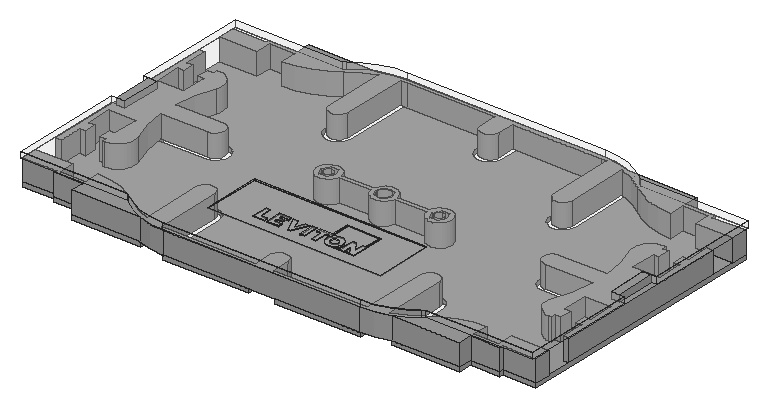
Revit family "Data_Device-Network-Leviton-Splice_Tray-T5PLS", category Data Devices, host Face, Revit 2025
Family settings
  Host = Face
  Round Connector Dimension = Use Diameter
  Part Type = Normal
  OmniClass Number = 23.85.50.17
  OmniClass Title = Communication and Data Processing Equipment
  Cut with Voids When Loaded = No
  Maintain Annotation Orientation = Yes
  Shared = Yes
  Room Calculation Point = No
Parameters (values of type "24-Fiber Splice Tray")
  z Leviton Type = 2
  z Is 24 Fibers = or(z Leviton Type = 2, z Leviton Type = 4)  # yes
  z Is 12 Fibers = or(z Leviton Type = 1, z Leviton Type = 3)  # no
  Width [instance] = if(z Leviton Type = 1, 5.59", 7.621")  # 7.621"
  Weight [instance] = 0.00 lbf
  URL = "http://www.leviton.com/networksolutions"
  UPC Code [instance] = ""
  Type Comments = ""
  Technical Support Phone Number = "1-800-824-3005"  # constant formula
  Shielded = 1 = 0  # no
  Serial Number [instance] = ""
  Quantity per Package = 0
  Product Documentation Link = "https://www.leviton.com/en/docs/Leviton_Spec_Opt-X_SDX_Engage_MTP_Fiber_Cassettes.pdf"
  Port ID [instance] = ""
  Part Number [instance] = if(z Leviton Type = 1, "T5PLS-12F", if(z Leviton Type = 2, "T5PLS-24F", "ERROR"))  # "T5PLS-24F"
  Part Description = Description  # "OPT-X SDX Engage Low Loss MTP Fiber Cassettes - OS2, 24-fiber, 2x12F MTP to LC shuttered, C Polarity."
  Original Creation Date = "September 28, 2023"  # constant formula
  Model Disclaimer = "http://www.leviton.com/BIMTERMS"
  Model = " "
  Minimum Order Quantity = 0
  Manufacturer = "Leviton"  # constant formula
  Height [instance] = if(z Leviton Type = 1, 3.74", 4.567")  # 4.567"
  Has ID Windows = 1 = 0  # no
  Family Version = "1.0.0"  # constant formula
  Equipment Type = ""
  Equipment Abbreviation = "FST"  # constant formula
  Description = "OPT-X SDX Engage Low Loss MTP Fiber Cassettes - OS2, 24-fiber, 2x12F MTP to LC shuttered, C Polarity."
  Depth [instance] = if(z Leviton Type = 1, 0.53", 0.49")  # 0.49"
  Default Elevation = 24"
  Date Last Modified = "September 28, 2023"  # constant formula
  Copyright = "Copyright © 2013-2014 Leviton Manufacturing Co., Inc."  # constant formula
  Channel ID [instance] = ""
  Channel Count [instance] = 0
  Assembly Code = "D5030600"
  Adapter Material = Plastic - Leviton - Blue
Reference planes (in)
  plane 1 "Center (Front/Back)": y = 0.21474
  plane 2 "Mounting Surface": z = 0
  plane 3 "Center (Left/Right)": x = -0.9065
  plane 4: x = -4.717
  plane 5: x = 2.904
  plane 6: y = 2.49824
  plane 7: y = -2.06876
  plane 8: z = 0.49
Dimensions and locks (in)
  equal spacing: plane 6, plane 1 "Center (Front/Back)", plane 7
  "Height": plane 6 to plane 7
  equal spacing: plane 4, plane 3 "Center (Left/Right)", plane 5
  "Width": plane 4 to plane 5
  "Depth": plane 8 to plane 2 "Mounting Surface"
  aligned and locked: plane 2 "Mounting Surface" to host face
  aligned and locked: host face to level
  aligned and locked: plane 3 "Center (Left/Right)" to nested 1
  aligned and locked: plane 1 "Center (Front/Back)" to nested 1
  aligned and locked: plane 1 "Center (Front/Back)" to nested 2
  aligned and locked: plane 3 "Center (Left/Right)" to nested 2
  aligned and locked: plane 1 "Center (Front/Back)" to nested 3
  aligned and locked: plane 3 "Center (Left/Right)" to nested 3
Automatic sketch dimensions
  host sketch curve to host sketch curve = 19"
  host sketch curve to host sketch curve = 36.38525"
Nested families (in)
  nested 1: "Symbol" at (-0.9065, 0.21474, 0), type "Data"
  nested 2: "12-Fiber Mini" at (-0.9065, 0.21474, 0), visible <- "z Is 12 Fibers", type "T5PLS-12F"
  nested 3: "24-Fiber High Density" at (-0.9065, 0.21474, 0), visible <- "z Is 24 Fibers", type "T5PLS-24F"
Definition of nested family "12-Fiber Mini"
  Parameters (values of type "T5PLS-12F")
    Width = 5.59"  # constant formula
    URL = "http://www.leviton.com/networksolutions"
    Manufacturer = "Leviton"  # constant formula
    Height = 3.74"  # constant formula
    Description = ""
    Depth = 0.43"  # constant formula
    Default Elevation = 48"
    Assembly Code = "D5030600"
  Reference planes (in)
    plane 1 "Center (Front/Back)": y = 0
    plane 2: z = 0
    plane 3 "Center (Left/Right)": x = 0
    plane 4 "Left": x = -2.795
    plane 5 "Top": y = 1.87
    plane 6 "Right": x = 2.795
    plane 7 "Bottom": y = -1.87
    plane 8: z = 0.43
    plane 9: z = 0.53
    plane 10: z = 0.06
    plane 11: x = -0.82669
    plane 12: x = 0.82669
  Forms (in)
    Extrusion 1, solid
      sketch origin (0, 0, 0) x (1, 0, 0) y (0, 1, 0)
        loop
          line (-48, 48) -> (-48, -48) -> (48, -48) -> (48, 48) -> (-48, 48)
      from 0 to -12
    Extrusion 2, solid, detail levels medium+fine
      sketch origin (0, 0, 0) x (1, 0, 0) y (0, 1, 0)
        loop
          line (2.28324, -1.87) -> (2.795, -1.87) -> (2.795, -1.63358) -> (1.89054, -1.63358)
          arc (1.89054, -1.63358) -> (1.70343, -1.6485) -> (1.52103, -1.69287) r 1.181
          arc (1.52103, -1.69287) -> (1.42054, -1.72354) -> (1.31877, -1.74967) r 2.3423
          line (1.31877, -1.74967) -> (1.31877, -1.1612)
          arc (1.31877, -1.1612) -> (1.18099, -1.02342) -> (1.0432, -1.1612) r 0.13778
          line (1.0432, -1.1612) -> (1.0432, -1.79672)
          arc (1.0432, -1.79672) -> (0.91546, -1.80723) -> (0.78732, -1.81074) r 2.34229
          line (0.78732, -1.81074) -> (-0.78732, -1.81074)
          arc (-0.78732, -1.81074) -> (-0.91546, -1.80723) -> (-1.0432, -1.79672) r 2.34229
          line (-1.0432, -1.79672) -> (-1.0432, -1.1612)
          arc (-1.0432, -1.1612) -> (-1.18099, -1.02342) -> (-1.31877, -1.1612) r 0.13778
          line (-1.31877, -1.1612) -> (-1.31877, -1.74967)
          arc (-1.31877, -1.74967) -> (-1.42054, -1.72354) -> (-1.52103, -1.69287) r 2.3423
          arc (-1.52103, -1.69287) -> (-1.70343, -1.6485) -> (-1.89054, -1.63358) r 1.181
          line (-1.89054, -1.63358) -> (-2.795, -1.63358) -> (-2.795, -1.87) -> (-2.28324, -1.87) -> (-2.28324, -1.69271) -> (-1.8998, -1.69271)
          arc (-1.8998, -1.69271) -> (-1.71436, -1.70741) -> (-1.53353, -1.75105) r 1.1809
          arc (-1.53353, -1.75105) -> (-1.16485, -1.84) -> (-0.78678, -1.8699) r 2.40552
          line (-0.78678, -1.8699) -> (0.78678, -1.8699)
          arc (0.78678, -1.8699) -> (1.16485, -1.84) -> (1.53353, -1.75105) r 2.40552
          arc (1.53353, -1.75105) -> (1.71436, -1.70741) -> (1.8998, -1.69271) r 1.1809
          line (1.8998, -1.69271) -> (2.28324, -1.69271) -> (2.28324, -1.87)
        loop
          line (2.73595, -1.25961) -> (2.795, -1.25961) -> (2.795, 1.25961) -> (2.73595, 1.25961) -> (2.73595, 1.02342) -> (2.21236, 1.02342)
          arc (2.21236, 1.02342) -> (2.11097, 0.96587) -> (2.10839, 0.84931) r 0.1181
          arc (2.10839, 0.84931) -> (2.25005, 0.50453) -> (2.31728, 0.13789) r 1.79116
          line (2.31728, 0.13789) -> (1.7911, 0.13789)
          arc (1.7911, 0.13789) -> (1.65332, 0.00011) -> (1.7911, -0.13768) r 0.13778
          line (1.7911, -0.13768) -> (2.3173, -0.13768)
          arc (2.3173, -0.13768) -> (2.25008, -0.50443) -> (2.10839, -0.84931) r 1.79116
          arc (2.10839, -0.84931) -> (2.11097, -0.96587) -> (2.21236, -1.02342) r 0.1181
          line (2.21236, -1.02342) -> (2.73595, -1.02342) -> (2.73595, -1.25961)
        loop
          line (2.28324, 1.87) -> (2.28324, 1.69257) -> (1.89968, 1.69257)
          arc (1.89968, 1.69257) -> (1.71387, 1.70728) -> (1.5327, 1.75103) r 1.18107
          arc (1.5327, 1.75103) -> (1.16366, 1.84015) -> (0.7852, 1.87011) r 2.40573
          line (0.7852, 1.87011) -> (-0.78521, 1.87011)
          arc (-0.78521, 1.87011) -> (-1.16367, 1.84015) -> (-1.5327, 1.75103) r 2.40573
          arc (-1.5327, 1.75103) -> (-1.71388, 1.70728) -> (-1.89968, 1.69257) r 1.18107
          line (-1.89968, 1.69257) -> (-2.28324, 1.69257) -> (-2.28324, 1.87) -> (-2.795, 1.87) -> (-2.795, 1.63358) -> (-1.89054, 1.63358)
          arc (-1.89054, 1.63358) -> (-1.70343, 1.6485) -> (-1.52103, 1.69287) r 1.181
          arc (-1.52103, 1.69287) -> (-1.42054, 1.72354) -> (-1.31877, 1.74967) r 2.3423
          line (-1.31877, 1.74967) -> (-1.31877, 1.1612)
          arc (-1.31877, 1.1612) -> (-1.18099, 1.02342) -> (-1.0432, 1.1612) r 0.13778
          line (-1.0432, 1.1612) -> (-1.0432, 1.79672)
          arc (-1.0432, 1.79672) -> (-0.91546, 1.80723) -> (-0.78732, 1.81095) r 2.34229
          line (-0.78732, 1.81095) -> (0.78732, 1.81074)
          arc (0.78732, 1.81074) -> (0.91546, 1.80723) -> (1.0432, 1.79672) r 2.34229
          line (1.0432, 1.79672) -> (1.0432, 1.1612)
          arc (1.0432, 1.1612) -> (1.18099, 1.02342) -> (1.31877, 1.1612) r 0.13778
          line (1.31877, 1.1612) -> (1.31877, 1.74967)
          arc (1.31877, 1.74967) -> (1.42054, 1.72354) -> (1.52103, 1.69287) r 2.3423
          arc (1.52103, 1.69287) -> (1.70343, 1.6485) -> (1.89054, 1.63358) r 1.181
          line (1.89054, 1.63358) -> (2.795, 1.63358) -> (2.795, 1.87) -> (2.28324, 1.87)
        loop
          line (0.53144, 0.55123) -> (0.53144, 0.02963) -> (0.17667, 0.02963)
          arc (0.17667, 0.02963) -> (0, 0.17922) -> (-0.17667, 0.02963) r 0.17912
          line (-0.17667, 0.02963) -> (-0.53144, 0.02963) -> (-0.53144, 0.55123) -> (-0.82669, 0.55123)
          arc (-0.82669, 0.55123) -> (-1.37782, 0.00011) -> (-0.82669, -0.55102) r 0.55113
          line (-0.82669, -0.55102) -> (-0.53144, -0.55102) -> (-0.53144, -0.02942) -> (-0.17667, -0.02942)
          arc (-0.17667, -0.02942) -> (0, -0.17901) -> (0.17667, -0.02942) r 0.17912
          line (0.17667, -0.02942) -> (0.53144, -0.02942) -> (0.53144, -0.55102) -> (0.82669, -0.55102)
          arc (0.82669, -0.55102) -> (1.37782, 0.00011) -> (0.82669, 0.55123) r 0.55113
          line (0.82669, 0.55123) -> (0.53144, 0.55123)
        loop
          line (-2.73595, -1.25961) -> (-2.73595, -1.02342) -> (-2.21236, -1.02342)
          arc (-2.21236, -1.02342) -> (-2.11097, -0.96587) -> (-2.10839, -0.84931) r 0.1181
          arc (-2.10839, -0.84931) -> (-2.25008, -0.50443) -> (-2.3173, -0.13768) r 1.79116
          line (-2.3173, -0.13768) -> (-1.7911, -0.13768)
          arc (-1.7911, -0.13768) -> (-1.65332, 0.00011) -> (-1.7911, 0.13789) r 0.13778
          line (-1.7911, 0.13789) -> (-2.31728, 0.13789)
          arc (-2.31728, 0.13789) -> (-2.25005, 0.50453) -> (-2.10839, 0.84931) r 1.79116
          arc (-2.10839, 0.84931) -> (-2.11097, 0.96587) -> (-2.21236, 1.02342) r 0.1181
          line (-2.21236, 1.02342) -> (-2.73595, 1.02342) -> (-2.73595, 1.25961) -> (-2.795, 1.25961) -> (-2.795, -1.25961) -> (-2.73595, -1.25961)
        loop
          line (-0.8882, 0.10643) -> (-0.94971, -0.00011) -> (-0.8882, -0.10664) -> (-0.76518, -0.10664) -> (-0.70367, -0.00011) -> (-0.76518, 0.10643) -> (-0.8882, 0.10643)
        loop
          line (0.8882, 0.10643) -> (0.76518, 0.10643) -> (0.70367, -0.00011) -> (0.76518, -0.10664) -> (0.8882, -0.10664) -> (0.94971, -0.00011) -> (0.8882, 0.10643)
        loop
          circle (0, -0.00011) r 0.12007
      from 0.06 to 0.43 <- "Depth"
    Extrusion 3, solid, detail levels medium+fine
      sketch origin (0, 0, 0) x (1, 0, 0) y (0, 1, 0)
        loop
          arc (-0.78678, 1.87) -> (-0.88555, 1.86787) -> (-0.98415, 1.86178) r 2.40552
          line (-0.98415, 1.86178) -> (-0.98415, 1.1612)
          arc (-0.98415, 1.1612) -> (-1.18099, 0.96437) -> (-1.37782, 1.1612) r 0.19683
          line (-1.37782, 1.1612) -> (-1.37782, 1.79616)
          arc (-1.37782, 1.79616) -> (-1.45605, 1.77492) -> (-1.53353, 1.75105) r 2.40552
          arc (-1.53353, 1.75105) -> (-1.71436, 1.70741) -> (-1.8998, 1.69271) r 1.1809
          line (-1.8998, 1.69271) -> (-2.28324, 1.69271) -> (-2.28324, 1.87) -> (-2.795, 1.87) -> (-2.795, -1.87) -> (-2.28324, -1.87) -> (-2.28324, -1.69271) -> (-1.8998, -1.69271)
          arc (-1.8998, -1.69271) -> (-1.71436, -1.70741) -> (-1.53353, -1.75105) r 1.1809
          arc (-1.53353, -1.75105) -> (-1.45605, -1.77492) -> (-1.37782, -1.79616) r 2.40552
          line (-1.37782, -1.79616) -> (-1.37782, -1.1612)
          arc (-1.37782, -1.1612) -> (-1.18099, -0.96437) -> (-0.98415, -1.1612) r 0.19683
          line (-0.98415, -1.1612) -> (-0.98415, -1.86178)
          arc (-0.98415, -1.86178) -> (-0.88555, -1.86787) -> (-0.78678, -1.87) r 2.40552
          line (-0.78678, -1.87) -> (0.78678, -1.8699)
          arc (0.78678, -1.8699) -> (0.88555, -1.86787) -> (0.98415, -1.86178) r 2.40552
          line (0.98415, -1.86178) -> (0.98415, -1.1612)
          arc (0.98415, -1.1612) -> (1.18099, -0.96437) -> (1.37782, -1.1612) r 0.19683
          line (1.37782, -1.1612) -> (1.37782, -1.79616)
          arc (1.37782, -1.79616) -> (1.45605, -1.77492) -> (1.53353, -1.75105) r 2.40552
          arc (1.53353, -1.75105) -> (1.71436, -1.70741) -> (1.8998, -1.69271) r 1.1809
          line (1.8998, -1.69271) -> (2.28324, -1.69271) -> (2.28324, -1.87) -> (2.795, -1.87) -> (2.795, 1.87) -> (2.28324, 1.87) -> (2.28324, 1.69271) -> (1.8998, 1.69271)
          arc (1.8998, 1.69271) -> (1.71436, 1.70741) -> (1.53353, 1.75105) r 1.1809
          arc (1.53353, 1.75105) -> (1.45605, 1.77492) -> (1.37782, 1.79616) r 2.40552
          line (1.37782, 1.79616) -> (1.37782, 1.1612)
          arc (1.37782, 1.1612) -> (1.18099, 0.96437) -> (0.98415, 1.1612) r 0.19683
          line (0.98415, 1.1612) -> (0.98415, 1.86178)
          arc (0.98415, 1.86178) -> (0.88555, 1.86787) -> (0.78678, 1.87) r 2.40552
          line (0.78678, 1.87) -> (-0.78678, 1.87)
        loop
          line (1.7911, -0.19673) -> (2.31176, -0.19673)
          arc (2.31176, -0.19673) -> (2.32261, 0.00011) -> (2.31176, 0.19694) r 1.79116
          line (2.31176, 0.19694) -> (1.7911, 0.19694)
          arc (1.7911, 0.19694) -> (1.59427, 0.00011) -> (1.7911, -0.19673) r 0.19683
        loop
          arc (-1.7911, -0.19673) -> (-1.59427, 0.00011) -> (-1.7911, 0.19694) r 0.19683
          line (-1.7911, 0.19694) -> (-2.31176, 0.19694)
          arc (-2.31176, 0.19694) -> (-2.32261, 0.00011) -> (-2.31176, -0.19673) r 1.79116
          line (-2.31176, -0.19673) -> (-1.7911, -0.19673)
      from 0 to 0.06
    Extrusion 4, solid
      sketch origin (0, 17.64159, 0.43) x (0, 1, 0) y (-1, 0, 0)
        loop
          line (-15.77159, 2.795) -> (-19.51159, 2.795) -> (-19.51159, 2.28324) -> (-19.41159, 2.28324) -> (-19.41159, 1.78324) -> (-19.51159, 1.78324) -> (-19.51159, -1.78324) -> (-19.41159, -1.78324) -> (-19.41159, -2.28324) -> (-19.51159, -2.28324) -> (-19.51159, -2.795) -> (-15.77159, -2.795) -> (-15.77159, -2.28324) -> (-15.87159, -2.28324) -> (-15.87159, -1.78324) -> (-15.77159, -1.78324) -> (-15.77159, 1.78324) -> (-15.87159, 1.78324) -> (-15.87159, 2.28324) -> (-15.77159, 2.28324) -> (-15.77159, 2.795)
      from 0 to 0.1
    Extrusion 5, void
      sketch origin (0, 0, 0) x (1, 0, 0) y (0, 1, 0)
        loop
          line (-0.91, -1.48) -> (0.91, -1.48) -> (0.91, -0.3) -> (-0.91, -0.3) -> (-0.91, -1.48)
      from 0.51437 to 0.59613
    Extrusion 6, solid
      sketch origin (0, 0, 0) x (1, 0, 0) y (0, 1, 0)
        loop
          circle (-0.82669, -0.00011) r 0.06889
        loop
          circle (0.82669, -0.00011) r 0.06889
        loop
          circle (0, -0.00011) r 0.1
      from 0.24889 to 0.53
    Extrusion 7, solid, detail levels coarse
      sketch origin (0, 0, 0) x (1, 0, 0) y (0, 1, 0)
        loop
          arc (-0.78678, 1.87) -> (-0.98524, 1.8617) -> (-1.18235, 1.83715) r 2.40552
          arc (-1.18235, 1.83715) -> (-1.35956, 1.80071) -> (-1.53353, 1.75105) r 2.40552
          arc (-1.53353, 1.75105) -> (-1.71436, 1.70741) -> (-1.8998, 1.69271) r 1.1809
          line (-1.8998, 1.69271) -> (-2.28324, 1.69271) -> (-2.28324, 1.87) -> (-2.795, 1.87) -> (-2.795, -1.87) -> (-2.28324, -1.87) -> (-2.28324, -1.69271) -> (-1.8998, -1.69271)
          arc (-1.8998, -1.69271) -> (-1.71436, -1.70741) -> (-1.53353, -1.75105) r 1.1809
          arc (-1.53353, -1.75105) -> (-1.33554, -1.80647) -> (-1.13354, -1.84477) r 2.40552
          arc (-1.13354, -1.84477) -> (-0.96062, -1.86361) -> (-0.78678, -1.87) r 2.40552
          line (-0.78678, -1.87) -> (0.78678, -1.8699)
          arc (0.78678, -1.8699) -> (0.98524, -1.8617) -> (1.18235, -1.83715) r 2.40552
          arc (1.18235, -1.83715) -> (1.35956, -1.80071) -> (1.53353, -1.75105) r 2.40552
          arc (1.53353, -1.75105) -> (1.71436, -1.70741) -> (1.8998, -1.69271) r 1.1809
          line (1.8998, -1.69271) -> (2.28324, -1.69271) -> (2.28324, -1.87) -> (2.795, -1.87) -> (2.795, 1.87) -> (2.28324, 1.87) -> (2.28324, 1.69271) -> (1.8998, 1.69271)
          arc (1.8998, 1.69271) -> (1.71436, 1.70741) -> (1.53353, 1.75105) r 1.1809
          arc (1.53353, 1.75105) -> (1.33554, 1.80647) -> (1.13354, 1.84477) r 2.40552
          arc (1.13354, 1.84477) -> (0.96062, 1.86361) -> (0.78678, 1.87) r 2.40552
          line (0.78678, 1.87) -> (-0.78678, 1.87)
      from 0 to 0.43 <- "Depth"
  Cuts and joins
    Extrusion 5 cuts Extrusion 2
    Extrusion 5 cuts Extrusion 3
    Extrusion 5 cuts Extrusion 4
    joined: Extrusion 4, Extrusion 6
  Lines and regions (in)
    symbolic lines
      curve 1: line (-2.795, 1.87, 0) -> (-2.795, -1.87, 0)
      curve 2: line (-2.795, 1.87, 0) -> (-2.28324, 1.87, 0)
      curve 3: line (-2.795, -1.87, 0) -> (-2.28324, -1.87, 0)
      curve 4: line (2.795, 1.87, 0) -> (2.795, -1.87, 0)
      curve 5: line (1.78324, -1.77, 0) -> (2.28324, -1.77, 0)
      curve 6: line (1.78324, -1.87, 0) -> (1.78324, -1.77, 0)
      curve 7: line (2.28324, -1.77, 0) -> (2.28324, -1.87, 0)
      curve 8: line (-1.78324, -1.77, 0) -> (-1.78324, -1.87, 0)
      curve 9: line (-2.28324, -1.77, 0) -> (-1.78324, -1.77, 0)
      curve 10: line (-2.28324, -1.87, 0) -> (-2.28324, -1.77, 0)
      curve 11: line (-1.78324, 1.77, 0) -> (-2.28324, 1.77, 0)
      curve 12: line (-1.78324, 1.87, 0) -> (-1.78324, 1.77, 0)
      curve 13: line (-2.28324, 1.77, 0) -> (-2.28324, 1.87, 0)
      curve 14: line (1.78324, 1.77, 0) -> (1.78324, 1.87, 0)
      curve 15: line (2.28324, 1.77, 0) -> (1.78324, 1.77, 0)
      curve 16: line (2.28324, 1.87, 0) -> (2.28324, 1.77, 0)
      curve 17: line (2.28324, 1.87, 0) -> (2.795, 1.87, 0)
      curve 18: line (-1.78324, 1.87, 0) -> (1.78324, 1.87, 0)
      curve 19: line (-1.78324, -1.87, 0) -> (1.78324, -1.87, 0)
      curve 20: line (2.28324, -1.87, 0) -> (2.795, -1.87, 0)
  Dimensions and locks (in)
    equal spacing: plane 5 "Top", plane 1 "Center (Front/Back)", plane 7 "Bottom"
    "Height": plane 5 "Top" to plane 7 "Bottom"
    equal spacing: plane 4 "Left", plane 3 "Center (Left/Right)", plane 6 "Right"
    "Width": plane 4 "Left" to plane 6 "Right"
    "Depth": plane 8 to plane 2
    locked: plane 8 to plane 9 at 0.1
    plane 10 to plane 2 = 0.06"
    locked: nested 1 to plane 7 "Bottom" at 0.73
    equal spacing: plane 11, plane 3 "Center (Left/Right)", plane 12
    locked: plane 11 to plane 12 at 1.65338
    Extrusion 5 sketch curve to Extrusion 5 sketch curve to plane 7 "Bottom" = 1.18" locked, 0.39" locked
    equal spacing: Extrusion 5 sketch curve, plane 3 "Center (Left/Right)", Extrusion 5 sketch curve
    locked: Extrusion 5 sketch curve to Extrusion 5 sketch curve at 1.82
    aligned and locked: plane 2 to Extrusion 1
    aligned and locked: level to Extrusion 1
    aligned and locked: Extrusion 3 sketch curve to plane 5 "Top"
    aligned and locked: Extrusion 3 sketch curve to plane 6 "Right"
    aligned and locked: Extrusion 3 sketch curve to plane 7 "Bottom"
    aligned and locked: Extrusion 3 sketch curve to plane 4 "Left"
    aligned and locked: plane 10 to Extrusion 3
    aligned and locked: Extrusion 4 sketch curve to plane 4 "Left"
    aligned and locked: Extrusion 4 sketch curve to plane 6 "Right"
    aligned and locked: Extrusion 4 sketch curve to plane 7 "Bottom"  (x3)
    aligned and locked: Extrusion 4 sketch curve to plane 5 "Top"  (x3)
    aligned and locked: Extrusion 4 to plane 9
    aligned and locked: nested 1 to plane 9
    aligned and locked: cut or joined group of Extrusion 4, Extrusion 5, Extrusion 6 to plane 9
    aligned and locked: curve 1 to plane 4 "Left"
    aligned and locked: curve 2 to plane 5 "Top"
    aligned and locked: curve 3 to plane 7 "Bottom"
    aligned and locked: curve 4 to plane 6 "Right"
    aligned and locked: curve 5 to cut or joined group of Extrusion 4, Extrusion 5, Extrusion 6
    aligned and locked: curve 6 to cut or joined group of Extrusion 4, Extrusion 5, Extrusion 6
    aligned and locked: curve 7 to cut or joined group of Extrusion 4, Extrusion 5, Extrusion 6
    aligned and locked: curve 8 to cut or joined group of Extrusion 4, Extrusion 5, Extrusion 6
    aligned and locked: curve 9 to cut or joined group of Extrusion 4, Extrusion 5, Extrusion 6
    aligned and locked: curve 10 to cut or joined group of Extrusion 4, Extrusion 5, Extrusion 6
    aligned and locked: curve 11 to cut or joined group of Extrusion 4, Extrusion 5, Extrusion 6
    aligned and locked: curve 12 to cut or joined group of Extrusion 4, Extrusion 5, Extrusion 6
    aligned and locked: curve 13 to cut or joined group of Extrusion 4, Extrusion 5, Extrusion 6
    aligned and locked: curve 14 to cut or joined group of Extrusion 4, Extrusion 5, Extrusion 6
    aligned and locked: curve 15 to cut or joined group of Extrusion 4, Extrusion 5, Extrusion 6
    aligned and locked: curve 16 to cut or joined group of Extrusion 4, Extrusion 5, Extrusion 6
  Automatic sketch dimensions
    Extrusion 1 sketch curve to Extrusion 1 sketch curve = 96"  (x2)
    Extrusion 2 sketch curve to Extrusion 2 sketch curve = 0"  (x26)
    Extrusion 2 sketch curve to plane 4 "Left" = 0"  (x3)
    Extrusion 2 sketch curve to plane 7 "Bottom" = 0"  (x2)
    Extrusion 2 sketch curve to plane 5 "Top" = 0"  (x2)
    Extrusion 2 sketch curve to plane 3 "Center (Left/Right)" = 0"
    Extrusion 2 sketch curve to plane 6 "Right" = 0"  (x3)
    plane 4 "Left" to Extrusion 2 sketch curve = 0.05905"  (x2)
    plane 1 "Center (Front/Back)" to Extrusion 2 sketch curve = 0.13768"  (x2)
    plane 4 "Left" to Extrusion 2 sketch curve = 0.4777"
    Extrusion 2 sketch curve to Extrusion 2 sketch curve = 0.00002"  (x2)
    Extrusion 2 sketch curve to Extrusion 2 sketch curve = 0.51176"
    Extrusion 2 sketch curve to plane 5 "Top" = 0.17743"
    plane 4 "Left" to Extrusion 2 sketch curve = 0.51176"
    Extrusion 2 sketch curve to Extrusion 2 sketch curve = 0.52359"  (x2)
    plane 4 "Left" to Extrusion 2 sketch curve = 0.89488"
    plane 7 "Bottom" to Extrusion 2 sketch curve = 0.17729"
    Extrusion 2 sketch curve to Extrusion 2 sketch curve = 0.38344"  (x2)
    plane 4 "Left" to Extrusion 2 sketch curve = 0.89532"
    Extrusion 2 sketch curve to Extrusion 2 sketch curve = 0.00913"  (x2)
    Extrusion 2 sketch curve to Extrusion 2 sketch curve = 0.00957"  (x2)
    Extrusion 2 sketch curve to Extrusion 2 sketch curve = 0.5262"
    plane 7 "Bottom" to Extrusion 2 sketch curve = 0.12033"  (x2)
    Extrusion 2 sketch curve to Extrusion 2 sketch curve = 0.57178"  (x3)
    Extrusion 2 sketch curve to plane 5 "Top" = 0.12033"
    Extrusion 2 sketch curve to Extrusion 2 sketch curve = 0.13778"  (x4)
    Extrusion 2 sketch curve to plane 1 "Center (Front/Back)" = 0.00011"  (x6)
    Extrusion 2 sketch curve to Extrusion 2 sketch curve = 0.82669"
    Extrusion 2 sketch curve to Extrusion 2 sketch curve = 0.03934"  (x2)
    Extrusion 2 sketch curve to Extrusion 2 sketch curve = 0.00003"  (x4)
    plane 7 "Bottom" to Extrusion 2 sketch curve = 0.0001"
    Extrusion 2 sketch curve to Extrusion 2 sketch curve = 0.00055"
    Extrusion 2 sketch curve to Extrusion 2 sketch curve = 0.00212"  (x4)
    Extrusion 2 sketch curve to Extrusion 2 sketch curve = 0.29525"
    plane 1 "Center (Front/Back)" to Extrusion 2 sketch curve = 0.00011"  (x6)
    Extrusion 2 sketch curve to Extrusion 2 sketch curve = 0.25533"
    plane 1 "Center (Front/Back)" to Extrusion 2 sketch curve = 0.02942"  (x2)
    Extrusion 2 sketch curve to plane 3 "Center (Left/Right)" = 0.17667"
    Extrusion 2 sketch curve to plane 1 "Center (Front/Back)" = 0.02963"  (x2)
    plane 3 "Center (Left/Right)" to Extrusion 2 sketch curve = 0.53144"
    plane 5 "Top" to Extrusion 2 sketch curve = 0.00011"
    plane 3 "Center (Left/Right)" to Extrusion 2 sketch curve = 0.7852"
    Extrusion 2 sketch curve to Extrusion 2 sketch curve = 0.25534"
    Extrusion 2 sketch curve to Extrusion 2 sketch curve = 0.00054"
    Extrusion 2 sketch curve to Extrusion 2 sketch curve = 0.03991"
    Extrusion 2 sketch curve to Extrusion 2 sketch curve = 0.21651"  (x2)
    Extrusion 2 sketch curve to plane 1 "Center (Front/Back)" = 0.13789"
    Extrusion 2 sketch curve to Extrusion 2 sketch curve = 0.96441"
    Extrusion 2 sketch curve to plane 6 "Right" = 0.90446"
    Extrusion 2 sketch curve to plane 5 "Top" = 0.23642"
    Extrusion 2 sketch curve to Extrusion 2 sketch curve = 0.00925"
    Extrusion 2 sketch curve to plane 6 "Right" = 0.58264"  (x2)
    Extrusion 2 sketch curve to Extrusion 2 sketch curve = 0.38356"
    Extrusion 2 sketch curve to plane 6 "Right" = 0.47772"
    Extrusion 2 sketch curve to plane 6 "Right" = 0.05905"  (x2)
    Extrusion 2 sketch curve to plane 7 "Bottom" = 0.94458"  (x2)
    Extrusion 2 sketch curve to Extrusion 2 sketch curve = 0.05904"  (x2)
    Extrusion 2 sketch curve to Extrusion 2 sketch curve = 0.05916"
    Extrusion 2 sketch curve to Extrusion 2 sketch curve = 0.01402"  (x2)
    Extrusion 2 sketch curve to Extrusion 2 sketch curve = 0.17729"
    Extrusion 2 sketch curve to Extrusion 2 sketch curve = 0.23642"  (x2)
    Extrusion 2 sketch curve to Extrusion 2 sketch curve = 0.37397"  (x2)
    Extrusion 2 sketch curve to Extrusion 2 sketch curve = 0.58847"  (x2)
    Extrusion 2 sketch curve to Extrusion 2 sketch curve = 0.2362"  (x4)
    Extrusion 2 sketch curve to Extrusion 2 sketch curve = 0.1181"  (x4)
    plane 1 "Center (Front/Back)" to Extrusion 2 sketch curve = 0.55102"
    Extrusion 2 sketch curve to Extrusion 2 sketch curve = 0.5216"
    Extrusion 2 sketch curve to Extrusion 2 sketch curve = 0.0154"  (x2)
    Extrusion 2 sketch curve to Extrusion 2 sketch curve = 0.00407"  (x2)
    Extrusion 2 sketch curve to Extrusion 2 sketch curve = 0.00408"  (x2)
    Extrusion 2 sketch curve to Extrusion 2 sketch curve = 0.76743"  (x2)
    Extrusion 2 sketch curve to Extrusion 2 sketch curve = 0.60996"  (x2)
    Extrusion 2 sketch curve to Extrusion 2 sketch curve = 0.05899"  (x2)
    Extrusion 2 sketch curve to Extrusion 2 sketch curve = 0.12044"
    Extrusion 2 sketch curve to plane 5 "Top" = 0.07328"  (x2)
    Extrusion 2 sketch curve to Extrusion 2 sketch curve = 0.94458"  (x2)
    Extrusion 2 sketch curve to Extrusion 2 sketch curve = 0.05907"  (x2)
    Extrusion 2 sketch curve to Extrusion 2 sketch curve = 0.10397"  (x4)
    Extrusion 2 sketch curve to Extrusion 2 sketch curve = 0.00021"
    Extrusion 3 sketch curve to Extrusion 3 sketch curve = 0"  (x39)
    Extrusion 3 sketch curve to plane 7 "Bottom" = 0"  (x2)
    Extrusion 3 sketch curve to plane 5 "Top" = 0"  (x2)
    plane 1 "Center (Front/Back)" to Extrusion 3 sketch curve = 0.19673"  (x2)
    plane 4 "Left" to Extrusion 3 sketch curve = 0.48324"
    Extrusion 3 sketch curve to plane 1 "Center (Front/Back)" = 0.19694"  (x2)
    plane 7 "Bottom" to Extrusion 3 sketch curve = 0.17729"  (x2)
    plane 4 "Left" to Extrusion 3 sketch curve = 0.51176"  (x2)
    Extrusion 3 sketch curve to plane 5 "Top" = 0.17729"  (x2)
    plane 4 "Left" to Extrusion 3 sketch curve = 0.89488"  (x2)
    Extrusion 3 sketch curve to Extrusion 3 sketch curve = 0.38344"  (x4)
    Extrusion 3 sketch curve to plane 1 "Center (Front/Back)" = 0.00011"  (x3)
    Extrusion 3 sketch curve to Extrusion 3 sketch curve = 0.52066"
    plane 7 "Bottom" to Extrusion 3 sketch curve = 0.07384"  (x2)
    Extrusion 3 sketch curve to Extrusion 3 sketch curve = 0.52198"  (x4)
    Extrusion 3 sketch curve to plane 5 "Top" = 0.07384"  (x2)
    Extrusion 3 sketch curve to Extrusion 3 sketch curve = 0.19683"  (x4)
    plane 7 "Bottom" to Extrusion 3 sketch curve = 0.00822"  (x2)
    Extrusion 3 sketch curve to Extrusion 3 sketch curve = 0.39366"  (x4)
    Extrusion 3 sketch curve to plane 5 "Top" = 0.00822"  (x2)
    Extrusion 3 sketch curve to Extrusion 3 sketch curve = 0.19737"  (x4)
    Extrusion 3 sketch curve to plane 3 "Center (Left/Right)" = 0.53144"
    plane 3 "Center (Left/Right)" to Extrusion 3 sketch curve = 0.53144"
    Extrusion 3 sketch curve to Extrusion 3 sketch curve = 0.25534"  (x2)
    Extrusion 3 sketch curve to plane 6 "Right" = 1.0039"
    Extrusion 3 sketch curve to plane 6 "Right" = 0.89488"  (x2)
    Extrusion 3 sketch curve to plane 6 "Right" = 0.48324"
    Extrusion 3 sketch curve to plane 7 "Bottom" = 1.00361"  (x2)
    Extrusion 3 sketch curve to Extrusion 3 sketch curve = 0.63496"  (x4)
    plane 1 "Center (Front/Back)" to Extrusion 3 sketch curve = 0.53563"  (x2)
    Extrusion 3 sketch curve to plane 1 "Center (Front/Back)" = 0.53563"  (x2)
    plane 5 "Top" to Extrusion 3 sketch curve = 1.00361"  (x2)
    plane 7 "Bottom" to Extrusion 4 sketch curve = 0.1"  (x2)
    Extrusion 4 sketch curve to Extrusion 4 sketch curve = 0.1"  (x2)
    Extrusion 4 sketch curve to plane 6 "Right" = 0.51176"  (x2)
    Extrusion 4 sketch curve to Extrusion 4 sketch curve = 0.5"  (x4)
    plane 4 "Left" to Extrusion 4 sketch curve = 1.01176"
    Extrusion 4 sketch curve to Extrusion 4 sketch curve = 1.01176"
    Extrusion 2 sketch curve to plane 11 = 0.06151"  (x2)
    Extrusion 2 sketch curve to plane 1 "Center (Front/Back)" = 0.10643"  (x2)
    Extrusion 2 sketch curve to plane 11 = 0.12302"
    plane 11 to Extrusion 2 sketch curve = 0.06151"  (x2)
    plane 1 "Center (Front/Back)" to Extrusion 2 sketch curve = 0.10664"  (x2)
    plane 11 to Extrusion 2 sketch curve = 0.12302"
    plane 12 to Extrusion 2 sketch curve = 0.12302"
    plane 12 to Extrusion 2 sketch curve = 0.06151"  (x2)
    Extrusion 2 sketch curve to plane 12 = 0.06151"  (x2)
    Extrusion 2 sketch curve to plane 12 = 0.12302"
    Extrusion 6 sketch curve to Extrusion 6 sketch curve = 0"  (x2)
    Extrusion 6 sketch curve to plane 11 = 0"
    Extrusion 6 sketch curve to plane 3 "Center (Left/Right)" = 0"
    Extrusion 6 sketch curve to plane 12 = 0"
    plane 1 "Center (Front/Back)" to Extrusion 6 sketch curve = 0.00011"  (x3)
    Extrusion 6 sketch curve to Extrusion 6 sketch curve = 0.1"
    Extrusion 7 sketch curve to Extrusion 7 sketch curve = 0"  (x14)
    Extrusion 7 sketch curve to plane 4 "Left" = 0"
    Extrusion 7 sketch curve to plane 7 "Bottom" = 0"  (x3)
    Extrusion 7 sketch curve to plane 5 "Top" = 0"  (x3)
    Extrusion 7 sketch curve to plane 6 "Right" = 0"
    plane 7 "Bottom" to Extrusion 7 sketch curve = 0.17729"  (x2)
    plane 4 "Left" to Extrusion 7 sketch curve = 0.51176"  (x2)
    Extrusion 7 sketch curve to plane 5 "Top" = 0.17729"  (x2)
    plane 4 "Left" to Extrusion 7 sketch curve = 0.89488"  (x2)
    Extrusion 7 sketch curve to Extrusion 7 sketch curve = 0.38344"  (x4)
    plane 11 to Extrusion 7 sketch curve = 0.03991"  (x2)
    plane 12 to Extrusion 7 sketch curve = 0.03991"  (x2)
    Extrusion 7 sketch curve to plane 6 "Right" = 0.89488"  (x2)
    plane 1 "Center (Front/Back)" to Extrusion 7 sketch curve = 0.53563"  (x2)
    Extrusion 7 sketch curve to plane 1 "Center (Front/Back)" = 0.53563"  (x2)
    Extrusion 7 sketch curve to plane 6 "Right" = 0.8952"  (x2)
    Extrusion 7 sketch curve to plane 5 "Top" = 0.03285"
    plane 7 "Bottom" to Extrusion 7 sketch curve = 0.02523"
    Extrusion 7 sketch curve to plane 11 = 0.30685"
    Extrusion 7 sketch curve to plane 11 = 0.35566"
    plane 7 "Bottom" to Extrusion 7 sketch curve = 0.03285"
    Extrusion 7 sketch curve to plane 12 = 0.35566"
    Extrusion 7 sketch curve to plane 12 = 0.30685"
    Extrusion 7 sketch curve to plane 5 "Top" = 0.02523"
    Extrusion 7 sketch curve to Extrusion 7 sketch curve = 0.39999"
    Extrusion 7 sketch curve to Extrusion 7 sketch curve = 0.35118"
    plane 7 "Bottom" to curve 5 = 0.1"
    curve 5 to plane 12 = 0.95655"
    plane 7 "Bottom" to curve 8 = 0.1"
    curve 8 to plane 11 = 0.95655"
    curve 9 to curve 9 = 0.5"
    curve 11 to plane 5 "Top" = 0.1"
    curve 11 to plane 11 = 0.95655"
    curve 14 to plane 5 "Top" = 0.1"
    curve 14 to plane 12 = 0.95655"
    curve 15 to curve 15 = 0.5"
    curve 2 to curve 12 = 0.5"
    curve 6 to curve 20 = 0.5"
    curve 20 to plane 7 "Bottom" = 0"
    curve 8 to plane 7 "Bottom" = 0"
    curve 18 to plane 5 "Top" = 0"
    curve 16 to plane 5 "Top" = 0"
    radius of Extrusion 6 sketch curve = 0.06889"  (x2)
  Nested families (in)
    nested 1: "Levinton-Logo-Mini" at (0, -1.14, 0.51437), type "Mini", detail levels medium+fine
      with Logo Material none
  Definition of nested family "Levinton-Logo-Mini"
    Parameters (values of type "Mini")
      Logo Material [instance] = none
      Height = 0.645"
      Default Elevation = 48"
    Reference planes (in)
      plane 1 "Center (Front/Back)": y = 0
      plane 2: z = 0
      plane 3 "Center (Left/Right)": x = 0
      plane 4 "Logo Bottom": z = -0.01563
      plane 5: y = 0.52022
      plane 6: x = -0.75
      plane 7: x = 0.75
    Forms (in)
      Extrusion 1, solid, material <- "Logo Material"
        sketch origin (0, 0, -0.01563) x (-1, 0, 0) y (0, -1, 0)
          loop
            line (0.6807, -0.2447) -> (0.75, -0.2447) -> (0.75, 0) -> (0.58397, 0) -> (0.58397, -0.0648) -> (0.6807, -0.0648) -> (0.6807, -0.2447)
          loop
            line (0.36502, -0.2447) -> (0.54675, -0.2447) -> (0.54675, 0) -> (0.36343, 0) -> (0.36343, -0.0638) -> (0.47784, -0.0638) -> (0.47784, -0.09755) -> (0.39492, -0.09755) -> (0.39492, -0.1488) -> (0.47784, -0.1488) -> (0.47784, -0.181) -> (0.36502, -0.181) -> (0.36502, -0.2447)
          loop
            line (0.26335, -0.2447) -> (0.33945, -0.2447) -> (0.24068, 0.00131) -> (0.18347, 0.00146) -> (0.08461, -0.2447) -> (0.15942, -0.2447) -> (0.21139, -0.10474) -> (0.26335, -0.2447)
          loop
            line (-0.01265, -0.2447) -> (0.05659, -0.2447) -> (0.05659, 0) -> (-0.01265, 0) -> (-0.01265, -0.2447)
          loop
            line (-0.36974, 0.00286) -> (-0.75, 0.00286) -> (-0.75, -0.52022) -> (-0.24513, -0.52022) -> (-0.24513, -0.2447) -> (-0.05545, -0.2447) -> (-0.05545, -0.1794) -> (-0.11618, -0.1794) -> (-0.11618, 0) -> (-0.18542, 0) -> (-0.18542, -0.1794) -> (-0.24514, -0.1794) -> (-0.24514, -0.12175)
            arc (-0.24514, -0.12175) -> (-0.28164, -0.03364) -> (-0.36974, 0.00286) r 0.1246
          loop
            line (-0.43149, -0.01348) -> (-0.53031, -0.01348) -> (-0.53031, -0.2447) -> (-0.59073, -0.2447) -> (-0.6814, -0.12172) -> (-0.6814, -0.2447) -> (-0.73267, -0.2447) -> (-0.73265, -0.50286) -> (-0.26251, -0.50286) -> (-0.26242, -0.18507)
            arc (-0.26242, -0.18507) -> (-0.45852, -0.2092) -> (-0.43149, -0.01348) r 0.12462
          loop
            line (-0.59892, -0.01348) -> (-0.6814, -0.01348) -> (-0.59892, -0.12534) -> (-0.59892, -0.01348)
          loop
            circle (-0.36975, -0.12173) r 0.05894
        from 0.01562 to 0.03125
    Dimensions and locks (in)
      locked: plane 2 to plane 4 "Logo Bottom" at 0.01562
      equal spacing: plane 6, plane 3 "Center (Left/Right)", plane 7
      locked: plane 6 to plane 7 at 1.5
      locked: plane 1 "Center (Front/Back)" to plane 5 at 0.52022
    Automatic sketch dimensions
      Extrusion 1 sketch curve to Extrusion 1 sketch curve = 0"  (x7)
      plane 1 "Center (Front/Back)" to Extrusion 1 sketch curve = 0"  (x4)
      Extrusion 1 sketch curve to plane 3 "Center (Left/Right)" = 0.75"
      Extrusion 1 sketch curve to Extrusion 1 sketch curve = 0.01733"
      Extrusion 1 sketch curve to Extrusion 1 sketch curve = 0.01735"
      Extrusion 1 sketch curve to plane 1 "Center (Front/Back)" = 0.12172"
      Extrusion 1 sketch curve to Extrusion 1 sketch curve = 0.05127"
      Extrusion 1 sketch curve to plane 1 "Center (Front/Back)" = 0.01348"  (x2)
      Extrusion 1 sketch curve to Extrusion 1 sketch curve = 0.0686"
      Extrusion 1 sketch curve to plane 1 "Center (Front/Back)" = 0.12534"
      Extrusion 1 sketch curve to Extrusion 1 sketch curve = 0.08248"
      Extrusion 1 sketch curve to plane 1 "Center (Front/Back)" = 0.2447"  (x2)
      Extrusion 1 sketch curve to Extrusion 1 sketch curve = 0.09067"
      Extrusion 1 sketch curve to Extrusion 1 sketch curve = 0.06041"
      Extrusion 1 sketch curve to Extrusion 1 sketch curve = 0.09883"
      Extrusion 1 sketch curve to Extrusion 1 sketch curve = 0.06174"
      Extrusion 1 sketch curve to Extrusion 1 sketch curve = 0.00001"  (x2)
      plane 3 "Center (Left/Right)" to Extrusion 1 sketch curve = 0.26251"
      Extrusion 1 sketch curve to Extrusion 1 sketch curve = 0.10732"
      Extrusion 1 sketch curve to Extrusion 1 sketch curve = 0.01728"
      Extrusion 1 sketch curve to Extrusion 1 sketch curve = 0.01729"
      Extrusion 1 sketch curve to Extrusion 1 sketch curve = 0.05972"
      Extrusion 1 sketch curve to Extrusion 1 sketch curve = 0.06924"
      plane 3 "Center (Left/Right)" to Extrusion 1 sketch curve = 0.05545"
      plane 3 "Center (Left/Right)" to Extrusion 1 sketch curve = 0.01265"
      Extrusion 1 sketch curve to plane 3 "Center (Left/Right)" = 0.05659"
      Extrusion 1 sketch curve to Extrusion 1 sketch curve = 0.02802"
      Extrusion 1 sketch curve to Extrusion 1 sketch curve = 0.07482"
      plane 1 "Center (Front/Back)" to Extrusion 1 sketch curve = 0.00146"
      Extrusion 1 sketch curve to Extrusion 1 sketch curve = 0.12688"
      Extrusion 1 sketch curve to plane 1 "Center (Front/Back)" = 0.10474"
      Extrusion 1 sketch curve to Extrusion 1 sketch curve = 0.02792"
      plane 1 "Center (Front/Back)" to Extrusion 1 sketch curve = 0.00131"
      Extrusion 1 sketch curve to Extrusion 1 sketch curve = 0.05721"
      Extrusion 1 sketch curve to Extrusion 1 sketch curve = 0.10392"
      Extrusion 1 sketch curve to Extrusion 1 sketch curve = 0.0761"
      Extrusion 1 sketch curve to Extrusion 1 sketch curve = 0.12275"
      Extrusion 1 sketch curve to Extrusion 1 sketch curve = 0.02557"
      Extrusion 1 sketch curve to Extrusion 1 sketch curve = 0.02991"
      Extrusion 1 sketch curve to Extrusion 1 sketch curve = 0.08291"
      Extrusion 1 sketch curve to Extrusion 1 sketch curve = 0.06892"
      Extrusion 1 sketch curve to Extrusion 1 sketch curve = 0.03722"
      Extrusion 1 sketch curve to Extrusion 1 sketch curve = 0.09673"
      Extrusion 1 sketch curve to Extrusion 1 sketch curve = 0.0693"
      Extrusion 1 sketch curve to Extrusion 1 sketch curve = 0.12298"
      Extrusion 1 sketch curve to Extrusion 1 sketch curve = 0.25817"
      Extrusion 1 sketch curve to Extrusion 1 sketch curve = 0.01736"
      Extrusion 1 sketch curve to Extrusion 1 sketch curve = 0.05963"
      Extrusion 1 sketch curve to Extrusion 1 sketch curve = 0.0637"
      Extrusion 1 sketch curve to Extrusion 1 sketch curve = 0.00566"
      Extrusion 1 sketch curve to Extrusion 1 sketch curve = 0.06529"
      Extrusion 1 sketch curve to Extrusion 1 sketch curve = 0.03219"
      Extrusion 1 sketch curve to Extrusion 1 sketch curve = 0.05126"
      Extrusion 1 sketch curve to Extrusion 1 sketch curve = 0.0648"
      Extrusion 1 sketch curve to Extrusion 1 sketch curve = 0.03375"
      plane 1 "Center (Front/Back)" to Extrusion 1 sketch curve = 0.00286"
      radius of Extrusion 1 sketch curve = 0.05894"
Definition of nested family "24-Fiber High Density"
  Parameters (values of type "T5PLS-24F")
    Width = 7.63"  # constant formula
    URL = "http://www.leviton.com/networksolutions"
    Manufacturer = "Leviton"  # constant formula
    Height = 4.56"  # constant formula
    Description = ""
    Depth = 0.39"  # constant formula
    Default Elevation = 48"
    Assembly Code = "D5030600"
  Reference planes (in)
    plane 1 "Center (Front/Back)": y = 0
    plane 2: z = 0
    plane 3 "Center (Left/Right)": x = 0
    plane 4 "Left": x = -3.815
    plane 5 "Top": y = 2.28
    plane 6 "Right": x = 3.815
    plane 7 "Bottom": y = -2.28
    plane 8: z = 0.39
    plane 9: z = 0.49
    plane 10: z = 0.06
    plane 11: x = -0.82669
    plane 12: x = 0.82669
  Forms (in)
    Extrusion 1, solid
      sketch origin (0, 0, 0) x (1, 0, 0) y (0, 1, 0)
        loop
          line (-48, 48) -> (-48, -48) -> (48, -48) -> (48, 48) -> (-48, 48)
      from 0 to -12
    Extrusion 2, solid, detail levels medium+fine
      sketch origin (0, 0, 0) x (1, 0, 0) y (0, 1, 0)
        loop
          line (0.65164, 0.02963) -> (0.17667, 0.02963)
          arc (0.17667, 0.02963) -> (0, 0.17922) -> (-0.17667, 0.02963) r 0.17912
          line (-0.17667, 0.02963) -> (-0.65164, 0.02963)
          arc (-0.65164, 0.02963) -> (-1.00291, -0.00239) -> (-0.65122, -0.02942) r 0.17698
          line (-0.65122, -0.02942) -> (-0.17667, -0.02942)
          arc (-0.17667, -0.02942) -> (0, -0.17901) -> (0.17667, -0.02942) r 0.17912
          line (0.17667, -0.02942) -> (0.65122, -0.02942)
          arc (0.65122, -0.02942) -> (1.00291, -0.00239) -> (0.65164, 0.02963) r 0.17698
        loop
          line (-0.8882, 0.10643) -> (-0.94971, -0.00011) -> (-0.8882, -0.10664) -> (-0.76518, -0.10664) -> (-0.70367, -0.00011) -> (-0.76518, 0.10643) -> (-0.8882, 0.10643)
        loop
          line (0.8882, 0.10643) -> (0.76518, 0.10643) -> (0.70367, -0.00011) -> (0.76518, -0.10664) -> (0.8882, -0.10664) -> (0.94971, -0.00011) -> (0.8882, 0.10643)
        loop
          circle (0, -0.00011) r 0.12007
        loop
          line (-2.89075, 2.20213) -> (-2.89075, 2.00154) -> (-3.32338, 2.00154) -> (-3.32338, 1.9457) -> (-3.815, 1.9457) -> (-3.815, 1.70972) -> (-3.26438, 1.70972) -> (-3.26438, 1.94255) -> (-2.89075, 1.94255) -> (-2.89075, 1.7099)
          arc (-2.89075, 1.7099) -> (-2.51325, 1.77888) -> (-2.17786, 1.96536) r 1.1799
          arc (-2.17786, 1.96536) -> (-2.00236, 2.08076) -> (-1.80918, 2.16321) r 1.1799
          line (-1.80918, 2.16321) -> (-1.80918, 1.23776)
          arc (-1.80918, 1.23776) -> (-1.67152, 1.1001) -> (-1.53387, 1.23776) r 0.13765
          line (-1.53387, 1.23776) -> (-1.53387, 2.21761)
          arc (-1.53387, 2.21761) -> (-1.48918, 2.22016) -> (-1.44444, 2.22101) r 1.1799
          line (-1.44444, 2.22101) -> (-0.13765, 2.22101) -> (-0.13765, 1.96536)
          arc (-0.13765, 1.96536) -> (0, 1.82771) -> (0.13765, 1.96536) r 0.13765
          line (0.13765, 1.96536) -> (0.13765, 2.22101) -> (1.44444, 2.22101)
          arc (1.44444, 2.22101) -> (1.48918, 2.22016) -> (1.53387, 2.21761) r 1.1799
          line (1.53387, 2.21761) -> (1.53387, 1.23776)
          arc (1.53387, 1.23776) -> (1.67152, 1.1001) -> (1.80918, 1.23776) r 0.13765
          line (1.80918, 1.23776) -> (1.80918, 2.16321)
          arc (1.80918, 2.16321) -> (2.00236, 2.08076) -> (2.17786, 1.96536) r 1.1799
          arc (2.17786, 1.96536) -> (2.51325, 1.77888) -> (2.89075, 1.7099) r 1.1799
          line (2.89075, 1.7099) -> (2.89075, 1.94255) -> (3.26438, 1.94255) -> (3.26438, 1.70972) -> (3.815, 1.70972) -> (3.815, 1.9457) -> (3.32338, 1.9457) -> (3.32338, 2.00154) -> (2.89075, 2.00154) -> (2.89075, 2.20213) -> (1.87542, 2.20213)
          arc (1.87542, 2.20213) -> (1.66821, 2.26037) -> (1.45387, 2.28) r 1.1799
          line (1.45387, 2.28) -> (-1.45387, 2.28)
          arc (-1.45387, 2.28) -> (-1.66821, 2.26037) -> (-1.87542, 2.20213) r 1.1799
          line (-1.87542, 2.20213) -> (-2.89075, 2.20213)
        loop
          line (-3.73634, 1.00084) -> (-3.73634, 1.33608) -> (-3.815, 1.33608) -> (-3.815, -1.33608) -> (-3.73634, -1.33608) -> (-3.73634, -1.00084) -> (-3.64785, -1.00084) -> (-3.64785, -0.82479) -> (-3.73634, -0.82479) -> (-3.73634, -0.45116) -> (-3.34304, -0.45116) -> (-3.34304, -0.82479) -> (-3.43153, -0.82479) -> (-3.43153, -1.00084) -> (-3.34304, -1.00084) -> (-3.34304, -1.06436) -> (-3.30557, -1.06436)
          arc (-3.30557, -1.06436) -> (-3.10184, -0.95609) -> (-3.07758, -0.72665) r 0.24581
          arc (-3.07758, -0.72665) -> (-3.16855, -0.43803) -> (-3.2137, -0.13879) r 1.94683
          line (-3.2137, -0.13879) -> (-2.50919, -0.13879)
          arc (-2.50919, -0.13879) -> (-2.37153, -0.00113) -> (-2.50919, 0.13652) r 0.13765
          line (-2.50919, 0.13652) -> (-3.21386, 0.13652)
          arc (-3.21386, 0.13652) -> (-3.16881, 0.43692) -> (-3.07758, 0.72665) r 1.94683
          arc (-3.07758, 0.72665) -> (-3.10184, 0.95609) -> (-3.30557, 1.06436) r 0.24581
          line (-3.30557, 1.06436) -> (-3.34304, 1.06436) -> (-3.34304, 1.00084) -> (-3.43153, 1.00084) -> (-3.43153, 0.82479) -> (-3.34304, 0.82479) -> (-3.34304, 0.45116) -> (-3.73634, 0.45116) -> (-3.73634, 0.82479) -> (-3.64785, 0.82479) -> (-3.64785, 1.00084) -> (-3.73634, 1.00084)
        loop
          line (-2.89075, -2.20213) -> (-1.87542, -2.20213)
          arc (-1.87542, -2.20213) -> (-1.66821, -2.26037) -> (-1.45387, -2.28) r 1.1799
          line (-1.45387, -2.28) -> (1.45387, -2.28)
          arc (1.45387, -2.28) -> (1.66821, -2.26037) -> (1.87542, -2.20213) r 1.1799
          line (1.87542, -2.20213) -> (2.89075, -2.20213) -> (2.89075, -2.00154) -> (3.32338, -2.00154) -> (3.32338, -1.9457) -> (3.815, -1.9457) -> (3.815, -1.70972) -> (3.26438, -1.70972) -> (3.26438, -1.94255) -> (2.89075, -1.94255) -> (2.89075, -1.7099)
          arc (2.89075, -1.7099) -> (2.51325, -1.77888) -> (2.17786, -1.96536) r 1.1799
          arc (2.17786, -1.96536) -> (2.00236, -2.08076) -> (1.80918, -2.16321) r 1.1799
          line (1.80918, -2.16321) -> (1.80918, -1.23776)
          arc (1.80918, -1.23776) -> (1.67152, -1.1001) -> (1.53387, -1.23776) r 0.13765
          line (1.53387, -1.23776) -> (1.53387, -2.21761)
          arc (1.53387, -2.21761) -> (1.48918, -2.22016) -> (1.44444, -2.22101) r 1.1799
          line (1.44444, -2.22101) -> (0.13765, -2.22101) -> (0.13765, -1.96536)
          arc (0.13765, -1.96536) -> (0, -1.82771) -> (-0.13765, -1.96536) r 0.13765
          line (-0.13765, -1.96536) -> (-0.13765, -2.22101) -> (-1.44444, -2.22101)
          arc (-1.44444, -2.22101) -> (-1.48918, -2.22016) -> (-1.53387, -2.21761) r 1.1799
          line (-1.53387, -2.21761) -> (-1.53387, -1.23776)
          arc (-1.53387, -1.23776) -> (-1.67152, -1.1001) -> (-1.80918, -1.23776) r 0.13765
          line (-1.80918, -1.23776) -> (-1.80918, -2.16321)
          arc (-1.80918, -2.16321) -> (-2.00236, -2.08076) -> (-2.17786, -1.96536) r 1.1799
          arc (-2.17786, -1.96536) -> (-2.51325, -1.77888) -> (-2.89075, -1.7099) r 1.1799
          line (-2.89075, -1.7099) -> (-2.89075, -1.94255) -> (-3.26438, -1.94255) -> (-3.26438, -1.70972) -> (-3.815, -1.70972) -> (-3.815, -1.9457) -> (-3.32338, -1.9457) -> (-3.32338, -2.00154) -> (-2.89075, -2.00154) -> (-2.89075, -2.20213)
        loop
          line (3.73634, 1.00084) -> (3.64785, 1.00084) -> (3.64785, 0.82479) -> (3.73634, 0.82479) -> (3.73634, 0.45116) -> (3.34304, 0.45116) -> (3.34304, 0.82479) -> (3.43153, 0.82479) -> (3.43153, 1.00084) -> (3.34304, 1.00084) -> (3.34304, 1.06436) -> (3.30557, 1.06436)
          arc (3.30557, 1.06436) -> (3.10184, 0.95609) -> (3.07758, 0.72665) r 0.24581
          arc (3.07758, 0.72665) -> (3.16881, 0.43692) -> (3.21386, 0.13652) r 1.94683
          line (3.21386, 0.13652) -> (2.50919, 0.13652)
          arc (2.50919, 0.13652) -> (2.37153, -0.00113) -> (2.50919, -0.13879) r 0.13765
          line (2.50919, -0.13879) -> (3.2137, -0.13879)
          arc (3.2137, -0.13879) -> (3.16855, -0.43803) -> (3.07758, -0.72665) r 1.94683
          arc (3.07758, -0.72665) -> (3.10184, -0.95609) -> (3.30557, -1.06436) r 0.24581
          line (3.30557, -1.06436) -> (3.34304, -1.06436) -> (3.34304, -1.00084) -> (3.43153, -1.00084) -> (3.43153, -0.82479) -> (3.34304, -0.82479) -> (3.34304, -0.45116) -> (3.73634, -0.45116) -> (3.73634, -0.82479) -> (3.64785, -0.82479) -> (3.64785, -1.00084) -> (3.73634, -1.00084) -> (3.73634, -1.33608) -> (3.815, -1.33608) -> (3.815, 1.33608) -> (3.73634, 1.33608) -> (3.73634, 1.00084)
      from 0.06 to 0.39 <- "Depth"
    Extrusion 3, solid, detail levels medium+fine
      sketch origin (0, 0, 0) x (1, 0, 0) y (0, 1, 0)
        loop
          line (-2.89075, 2.00154) -> (-3.32338, 2.00154) -> (-3.32338, 1.9457) -> (-3.815, 1.9457) -> (-3.815, -1.9457) -> (-3.32338, -1.9457) -> (-3.32338, -2.00154) -> (-2.89075, -2.00154) -> (-2.89075, -2.20213) -> (-1.86817, -2.20213) -> (-1.86817, -1.23776)
          arc (-1.86817, -1.23776) -> (-1.67152, -1.04111) -> (-1.47487, -1.23776) r 0.19665
          line (-1.47487, -1.23776) -> (-1.47487, -2.28) -> (-0.19665, -2.28) -> (-0.19665, -1.96536)
          arc (-0.19665, -1.96536) -> (0, -1.76871) -> (0.19665, -1.96536) r 0.19665
          line (0.19665, -1.96536) -> (0.19665, -2.28) -> (1.47487, -2.28) -> (1.47487, -1.23776)
          arc (1.47487, -1.23776) -> (1.67152, -1.04111) -> (1.86817, -1.23776) r 0.19665
          line (1.86817, -1.23776) -> (1.86817, -2.20213) -> (2.89075, -2.20213) -> (2.89075, -2.00154) -> (3.32338, -2.00154) -> (3.32338, -1.9457) -> (3.815, -1.9457) -> (3.815, 1.9457) -> (3.32338, 1.9457) -> (3.32338, 2.00154) -> (2.89075, 2.00154) -> (2.89075, 2.20213) -> (1.86817, 2.20213) -> (1.86817, 1.23776)
          arc (1.86817, 1.23776) -> (1.67152, 1.04111) -> (1.47487, 1.23776) r 0.19665
          line (1.47487, 1.23776) -> (1.47487, 2.28) -> (0.19665, 2.28) -> (0.19665, 1.96536)
          arc (0.19665, 1.96536) -> (0, 1.76871) -> (-0.19665, 1.96536) r 0.19665
          line (-0.19665, 1.96536) -> (-0.19665, 2.28) -> (-1.47487, 2.28) -> (-1.47487, 1.23776)
          arc (-1.47487, 1.23776) -> (-1.67152, 1.04111) -> (-1.86817, 1.23776) r 0.19665
          line (-1.86817, 1.23776) -> (-1.86817, 2.20213) -> (-2.89075, 2.20213) -> (-2.89075, 2.00154)
        loop
          line (-3.20878, -0.19778) -> (-2.50919, -0.19778)
          arc (-2.50919, -0.19778) -> (-2.31254, -0.00113) -> (-2.50919, 0.19552) r 0.19665
          line (-2.50919, 0.19552) -> (-3.20878, 0.19552)
          arc (-3.20878, 0.19552) -> (-3.21873, -0.00113) -> (-3.20878, -0.19778) r 1.94683
        loop
          arc (3.20878, -0.19778) -> (3.21873, -0.00113) -> (3.20878, 0.19552) r 1.94683
          line (3.20878, 0.19552) -> (2.50919, 0.19552)
          arc (2.50919, 0.19552) -> (2.31254, -0.00113) -> (2.50919, -0.19778) r 0.19665
          line (2.50919, -0.19778) -> (3.20878, -0.19778)
      from 0 to 0.06
    Extrusion 4, solid
      sketch origin (0, 17.64159, 0.39) x (0, 1, 0) y (-1, 0, 0)
        loop
          line (-15.64042, 3.815) -> (-17.34775, 3.815) -> (-17.34775, 3.61835) -> (-17.9377, 3.61835) -> (-17.9377, 3.815) -> (-19.64275, 3.815) -> (-19.64275, 2.21957)
          arc (-19.64275, 2.21957) -> (-19.65513, 2.20273) -> (-19.66781, 2.18611) r 1.17102
          arc (-19.66781, 2.18611) -> (-19.85627, 1.84926) -> (-19.92159, 1.46883) r 1.14053
          line (-19.92159, 1.46883) -> (-19.92159, -1.46883)
          arc (-19.92159, -1.46883) -> (-19.85627, -1.84926) -> (-19.66781, -2.18611) r 1.14053
          arc (-19.66781, -2.18611) -> (-19.65513, -2.20273) -> (-19.64275, -2.21957) r 1.17102
          line (-19.64275, -2.21957) -> (-19.64275, -3.815) -> (-17.9377, -3.815) -> (-17.9377, -3.61835) -> (-17.34775, -3.61835) -> (-17.34775, -3.815) -> (-15.64042, -3.815) -> (-15.64042, -2.21957)
          arc (-15.64042, -2.21957) -> (-15.62805, -2.20273) -> (-15.61537, -2.18611) r 1.17102
          arc (-15.61537, -2.18611) -> (-15.4269, -1.84926) -> (-15.36159, -1.46883) r 1.14053
          line (-15.36159, -1.46883) -> (-15.36159, 1.46883)
          arc (-15.36159, 1.46883) -> (-15.4269, 1.84926) -> (-15.61537, 2.18611) r 1.14053
          arc (-15.61537, 2.18611) -> (-15.62805, 2.20273) -> (-15.64042, 2.21957) r 1.17102
          line (-15.64042, 2.21957) -> (-15.64042, 3.815)
      from 0 to 0.1
    Extrusion 5, void
      sketch origin (0, 0, 0) x (1, 0, 0) y (0, 1, 0)
        loop
          line (-1.285, -1.68) -> (1.285, -1.68) -> (1.285, -0.81) -> (-1.285, -0.81) -> (-1.285, -1.68)
      from 0.47437 to 0.59613
    Extrusion 6, solid
      sketch origin (0, 0, 0) x (1, 0, 0) y (0, 1, 0)
        loop
          circle (-0.82669, -0.00011) r 0.06889
        loop
          circle (0.82669, -0.00011) r 0.06889
        loop
          circle (0, -0.00011) r 0.1
      from 0.24889 to 0.49
    Extrusion 7, solid, detail levels medium+fine
      sketch origin (0, 17.64159, 0.39) x (0, 1, 0) y (-1, 0, 0)
        loop
          line (-17.9377, 3.73634) -> (-17.9377, 3.61835) -> (-17.34775, 3.61835) -> (-17.34775, 3.73634) -> (-17.9377, 3.73634)
        loop
          line (-17.9377, -3.73634) -> (-17.34775, -3.73634) -> (-17.34775, -3.61835) -> (-17.9377, -3.61835) -> (-17.9377, -3.73634)
      from 0 to 0.1
    Extrusion 8, solid, detail levels coarse
      sketch origin (0, 0, 0) x (1, 0, 0) y (0, 1, 0)
        loop
          line (-2.89075, 2.00154) -> (-3.32338, 2.00154) -> (-3.32338, 1.9457) -> (-3.815, 1.9457) -> (-3.815, -1.9457) -> (-3.32338, -1.9457) -> (-3.32338, -2.00154) -> (-2.89075, -2.00154) -> (-2.89075, -2.20213) -> (-1.88304, -2.20213)
          arc (-1.88304, -2.20213) -> (-1.67957, -2.26036) -> (-1.46883, -2.28) r 1.14053
          line (-1.46883, -2.28) -> (1.46883, -2.28)
          arc (1.46883, -2.28) -> (1.67957, -2.26036) -> (1.88304, -2.20213) r 1.14053
          line (1.88304, -2.20213) -> (2.89075, -2.20213) -> (2.89075, -2.00154) -> (3.32338, -2.00154) -> (3.32338, -1.9457) -> (3.815, -1.9457) -> (3.815, 1.9457) -> (3.32338, 1.9457) -> (3.32338, 2.00154) -> (2.89075, 2.00154) -> (2.89075, 2.20213) -> (1.88304, 2.20213)
          arc (1.88304, 2.20213) -> (1.67957, 2.26036) -> (1.46883, 2.28) r 1.14053
          line (1.46883, 2.28) -> (-1.46883, 2.28)
          arc (-1.46883, 2.28) -> (-1.67957, 2.26036) -> (-1.88304, 2.20213) r 1.14053
          line (-1.88304, 2.20213) -> (-2.89075, 2.20213) -> (-2.89075, 2.00154)
      from 0 to 0.39 <- "Depth"
  Cuts and joins
    Extrusion 5 cuts Extrusion 2
    joined: Extrusion 2, Extrusion 7
    Extrusion 5 cuts Extrusion 3
    Extrusion 5 cuts Extrusion 4
    joined: Extrusion 4, Extrusion 6
  Lines and regions (in)
    symbolic lines
      curve 1: line (-2.21957, 2.00116, 0) -> (-3.815, 2.00116, 0)
      curve 2: line (-3.815, 2.00116, 0) -> (-3.815, 0.29384, 0)
      curve 3: line (-3.815, 0.29384, 0) -> (-3.61835, 0.29384, 0)
      curve 4: line (-3.61835, 0.29384, 0) -> (-3.61835, -0.29611, 0)
      curve 5: line (-3.61835, -0.29611, 0) -> (-3.815, -0.29611, 0)
      curve 6: line (-3.815, -0.29611, 0) -> (-3.815, -2.00116, 0)
      curve 7: line (-3.815, -2.00116, 0) -> (-2.21957, -2.00116, 0)
      curve 8: arc (-2.21957, -2.00116, 0) -> (-2.20273, -2.01354, 0) -> (-2.18611, -2.02622, 0) r 1.17102
      curve 9: arc (-2.18611, -2.02622, 0) -> (-1.84926, -2.21468, 0) -> (-1.46883, -2.28, 0) r 1.14053
      curve 10: line (-1.46883, -2.28, 0) -> (1.46883, -2.28, 0)
      curve 11: arc (1.46883, -2.28, 0) -> (1.84926, -2.21468, 0) -> (2.18611, -2.02622, 0) r 1.14053
      curve 12: arc (2.18611, -2.02622, 0) -> (2.20273, -2.01354, 0) -> (2.21957, -2.00116, 0) r 1.17102
      curve 13: line (2.21957, -2.00116, 0) -> (3.815, -2.00116, 0)
      curve 14: line (3.815, -2.00116, 0) -> (3.815, -0.29611, 0)
      curve 15: line (3.815, -0.29611, 0) -> (3.61835, -0.29611, 0)
      curve 16: line (3.61835, -0.29611, 0) -> (3.61835, 0.29384, 0)
